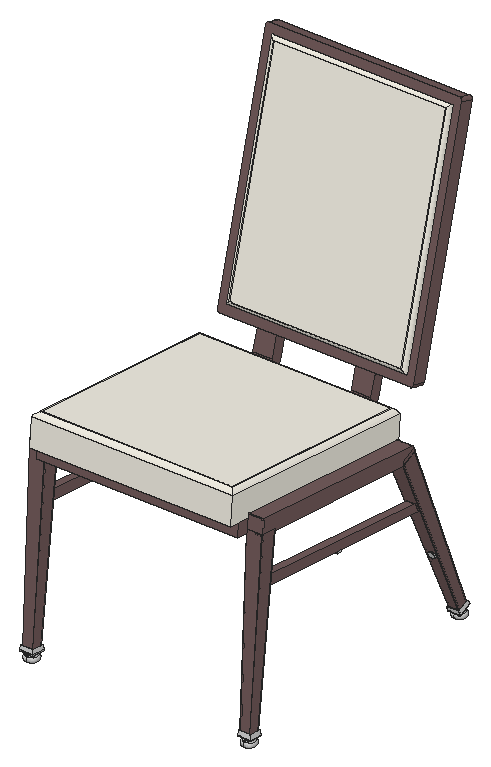
Revit family "8215", category Furniture, Revit 2020
Family settings
  OmniClass Number = 23.40.20.14.14.11
  OmniClass Title = Chairs
  Work Plane-Based = No
  Always vertical = Yes
  Cut with Voids When Loaded = No
  Shared = Yes
  Room Calculation Point = No
Parameters (values of type "Chair-Desk")
  Seat/Back Material = Textile - Slate Blue
  Default Elevation = 0 mm
  Base Material = Steel, Chrome Plated
  Assembly Code = "E2020200"
Reference planes
  plane 1: y = 0
  plane 2: z = 4.531
  plane 3 "Center (Left/Right)": x = 3.125
  plane 4: z = 905.398
  plane 5: through (-799.018, -2910.54, 939.259) normal (0, -0.2554, 0.9668)
  plane 6: y = -230.807
  plane 7: y = 320.193
  plane 8: z = 689.199
  plane 9: z = 905.484
  plane 10: z = -14.516
  plane 11: z = 450.484
  plane 12: y = 373.688
  plane 13: through (-799.018, 165.062, 307.419) normal (0, -0.9135, -0.4067)
  plane 14: through (-799.018, -176.65, 337.594) normal (0, -0.9939, 0.1101)
  plane 15: through (-799.018, 373.688, 899.128) normal (0, 0.2554, 0.9668)
  plane 16: through (-799.018, 231.776, 429.416) normal (0, -0.2588, -0.9659)
  plane 17: z = 393.531
  plane 18: x = 465.813
Forms (mm)
  Extrusion 1, solid, material "8215_Metal"
    sketch origin (2541.925, 111.859, 6.013) x (0, 0.255446, 0.966823) y (1, 0, 0)
      loop
        arc (930.368, -2112.856) -> (928.623, -2108.643) -> (924.41, -2106.898) r 5.958
        line (924.41, -2106.898) -> (445.979, -2106.898)
        arc (445.979, -2106.898) -> (441.743, -2108.653) -> (439.988, -2112.89) r 5.991
        line (439.988, -2112.89) -> (439.988, -2500.877)
        arc (439.988, -2500.877) -> (441.751, -2505.135) -> (446.009, -2506.898) r 6.021
        line (446.009, -2506.898) -> (924.368, -2506.898)
        arc (924.368, -2506.898) -> (928.611, -2505.141) -> (930.368, -2500.898) r 6
        line (930.368, -2500.898) -> (930.368, -2112.856)
      loop
        line (905.368, -2131.898) -> (464.988, -2131.898) -> (464.988, -2481.898) -> (905.368, -2481.898) -> (905.368, -2131.898)
    from 0 to 25
  Extrusion 2, solid
    sketch origin (2541.925, 111.859, 16.326) x (0, 0.255446, 0.966823) y (1, 0, 0)
      loop
        line (895.368, -2406.898) -> (895.368, -2386.898) -> (855.368, -2386.898) -> (855.368, -2406.898) -> (895.368, -2406.898)
      loop
        circle (877.368, -2396.898) r 2.5
      loop
        circle (865.368, -2396.898) r 2.5
    from 5 to 15
  Extrusion 3, solid
    sketch origin (2721.925, 111.859, 16.326) x (0, 0.255446, 0.966823) y (1, 0, 0)
      loop
        line (895.368, -2406.898) -> (895.368, -2386.898) -> (855.368, -2386.898) -> (855.368, -2406.898) -> (895.368, -2406.898)
      loop
        circle (877.368, -2396.898) r 2.5
      loop
        circle (865.368, -2396.898) r 2.5
    from 5 to 15
  Extrusion 4, solid
    sketch origin (2541.925, 459.356, 1321.237) x (0, -0.255446, -0.966823) y (-1, 0, 0)
      loop
        line (895.368, 2406.898) -> (855.368, 2406.898) -> (855.368, 2386.898) -> (895.368, 2386.898) -> (895.368, 2406.898)
      loop
        circle (877.368, 2396.898) r 2.5
      loop
        circle (865.368, 2396.898) r 2.5
    from 5 to 15
  Extrusion 5, solid
    sketch origin (2721.925, 459.356, 1321.237) x (0, -0.255446, -0.966823) y (-1, 0, 0)
      loop
        line (895.368, 2406.898) -> (855.368, 2406.898) -> (855.368, 2386.898) -> (895.368, 2386.898) -> (895.368, 2406.898)
      loop
        circle (877.368, 2396.898) r 2.5
      loop
        circle (865.368, 2396.898) r 2.5
    from 5 to 15
  Extrusion 6, solid
    sketch origin (2541.925, 111.859, 6.013) x (0, 0.255446, 0.966823) y (1, 0, 0)
      loop
        line (769.634, -2481.898) -> (769.634, -2441.898) -> (749.634, -2441.898) -> (749.634, -2481.898) -> (769.634, -2481.898)
      loop
        circle (759.634, -2463.898) r 2.5
      loop
        circle (759.634, -2451.898) r 2.5
    from 5 to 15
  Extrusion 7, solid
    sketch origin (2541.925, 71.546, -146.564) x (0, 0.255446, 0.966823) y (1, 0, 0)
      loop
        line (769.634, -2481.898) -> (769.634, -2441.898) -> (749.634, -2441.898) -> (749.634, -2481.898) -> (769.634, -2481.898)
      loop
        circle (759.634, -2463.898) r 2.5
      loop
        circle (759.634, -2451.898) r 2.5
    from 5 to 15
  Extrusion 8, solid
    sketch origin (-2071.872, 111.859, 6.013) x (0, 0.255446, 0.966823) y (1, 0, 0)
      loop
        line (769.634, 2481.898) -> (749.634, 2481.898) -> (749.634, 2441.898) -> (769.634, 2441.898) -> (769.634, 2481.898)
      loop
        circle (759.634, 2463.898) r 2.5
      loop
        circle (759.634, 2451.898) r 2.5
    from 5 to 15
  Extrusion 9, solid
    sketch origin (-2071.872, 71.546, -146.564) x (0, 0.255446, 0.966823) y (1, 0, 0)
      loop
        line (769.634, 2481.898) -> (749.634, 2481.898) -> (749.634, 2441.898) -> (769.634, 2441.898) -> (769.634, 2481.898)
      loop
        circle (759.634, 2463.898) r 2.5
      loop
        circle (759.634, 2451.898) r 2.5
    from 5 to 15
  Extrusion 10, solid, material "8215_Metal", not visible
    sketch origin (2534.425, -2910.54, 9.012) x (0, 0, 1) y (1, 0, 0)
      loop
        arc (930.368, -2112.856) -> (928.623, -2108.643) -> (924.41, -2106.898) r 5.958
        line (924.41, -2106.898) -> (445.979, -2106.898)
        arc (445.979, -2106.898) -> (441.743, -2108.653) -> (439.988, -2112.89) r 5.991
        line (439.988, -2112.89) -> (439.988, -2500.877)
        arc (439.988, -2500.877) -> (441.751, -2505.135) -> (446.009, -2506.898) r 6.021
        line (446.009, -2506.898) -> (924.368, -2506.898)
        arc (924.368, -2506.898) -> (928.611, -2505.141) -> (930.368, -2500.898) r 6
        line (930.368, -2500.898) -> (930.368, -2112.856)
      loop
        line (905.368, -2131.898) -> (464.988, -2131.898) -> (464.988, -2481.898) -> (905.368, -2481.898) -> (905.368, -2131.898)
    from 0 to 25
  Extrusion 11, solid, not visible
    sketch origin (2534.425, -2913.174, 18.983) x (0, 0, 1) y (1, 0, 0)
      loop
        line (895.368, -2406.898) -> (895.368, -2386.898) -> (855.368, -2386.898) -> (855.368, -2406.898) -> (895.368, -2406.898)
      loop
        circle (877.368, -2396.898) r 2.5
      loop
        circle (865.368, -2396.898) r 2.5
    from 5 to 15
  Extrusion 12, solid, not visible
    sketch origin (2714.425, -2913.174, 18.983) x (0, 0, 1) y (1, 0, 0)
      loop
        line (895.368, -2406.898) -> (895.368, -2386.898) -> (855.368, -2386.898) -> (855.368, -2406.898) -> (895.368, -2406.898)
      loop
        circle (877.368, -2396.898) r 2.5
      loop
        circle (865.368, -2396.898) r 2.5
    from 5 to 15
  Extrusion 13, solid, not visible
    sketch origin (2534.425, -2910.54, 1369.368) x (0, 0, -1) y (-1, 0, 0)
      loop
        line (895.368, 2406.898) -> (855.368, 2406.898) -> (855.368, 2386.898) -> (895.368, 2386.898) -> (895.368, 2406.898)
      loop
        circle (877.368, 2396.898) r 2.5
      loop
        circle (865.368, 2396.898) r 2.5
    from 5 to 15
  Extrusion 14, solid, not visible
    sketch origin (2714.425, -2910.54, 1369.368) x (0, 0, -1) y (-1, 0, 0)
      loop
        line (895.368, 2406.898) -> (855.368, 2406.898) -> (855.368, 2386.898) -> (895.368, 2386.898) -> (895.368, 2406.898)
      loop
        circle (877.368, 2396.898) r 2.5
      loop
        circle (865.368, 2396.898) r 2.5
    from 5 to 15
  Extrusion 15, solid, not visible
    sketch origin (2534.425, -2910.54, 9.012) x (0, 0, 1) y (1, 0, 0)
      loop
        line (769.634, -2481.898) -> (769.634, -2441.898) -> (749.634, -2441.898) -> (749.634, -2481.898) -> (769.634, -2481.898)
      loop
        circle (759.634, -2463.898) r 2.5
      loop
        circle (759.634, -2451.898) r 2.5
    from 5 to 15
  Extrusion 16, solid, not visible
    sketch origin (2534.425, -2910.54, -148.8) x (0, 0, 1) y (1, 0, 0)
      loop
        line (769.634, -2481.898) -> (769.634, -2441.898) -> (749.634, -2441.898) -> (749.634, -2481.898) -> (769.634, -2481.898)
      loop
        circle (759.634, -2463.898) r 2.5
      loop
        circle (759.634, -2451.898) r 2.5
    from 5 to 15
  Extrusion 17, solid, not visible
    sketch origin (-2079.372, -2910.54, 9.012) x (0, 0, 1) y (1, 0, 0)
      loop
        line (769.634, 2481.898) -> (749.634, 2481.898) -> (749.634, 2441.898) -> (769.634, 2441.898) -> (769.634, 2481.898)
      loop
        circle (759.634, 2463.898) r 2.5
      loop
        circle (759.634, 2451.898) r 2.5
    from 5 to 15
  Extrusion 18, solid, not visible
    sketch origin (-2079.372, -2910.54, -148.8) x (0, 0, 1) y (1, 0, 0)
      loop
        line (769.634, 2481.898) -> (749.634, 2481.898) -> (749.634, 2441.898) -> (769.634, 2441.898) -> (769.634, 2481.898)
      loop
        circle (759.634, 2463.898) r 2.5
      loop
        circle (759.634, 2451.898) r 2.5
    from 5 to 15
  Extrusion 19, solid, material "8215_Metal"
    sketch origin (8766.666, -357.969, 371.219) x (-1, 0, 0) y (0, -0.996389, 0.084911)
      loop
        line (8736.666, -130.17) -> (8326.666, -130.17) -> (8326.666, -536.561) -> (8736.666, -536.561) -> (8736.666, -130.17)
      loop
        line (8351.636, -156.561) -> (8351.636, -511.561) -> (8711.636, -511.561) -> (8711.636, -156.561) -> (8351.636, -156.561)
    from 0 to 25
  Extrusion 20, solid, material "8215_Metal"
    sketch origin (65, 2.656, 0) x (0, 1, 0) y (0, 0, 1)
      loop
        arc (214.094, 389.818) -> (201.255, 365.653) -> (179.021, 349.702) r 60
        arc (179.021, 349.702) -> (169.099, 346.574) -> (158.786, 345.206) r 60
        line (158.786, 345.206) -> (22.359, 356.739) -> (20.901, 339.5) -> (157.329, 327.967)
        arc (157.329, 327.967) -> (172.397, 329.638) -> (186.879, 334.122) r 80
        arc (186.879, 334.122) -> (216.388, 355.388) -> (233.43, 387.522) r 80
        line (233.43, 387.522) -> (243.495, 425.618) -> (224.854, 430.543) -> (214.094, 389.818)
    from 50 to 90
  Extrusion 21, solid, material "8215_Metal"
    sketch origin (405.052, 2.656, 0) x (0, 1, 0) y (0, 0, -1)
      loop
        line (214.094, -389.818) -> (224.854, -430.543) -> (243.495, -425.618) -> (233.43, -387.522)
        arc (233.43, -387.522) -> (216.388, -355.388) -> (186.879, -334.122) r 80
        arc (186.879, -334.122) -> (172.397, -329.638) -> (157.329, -327.967) r 80
        line (157.329, -327.967) -> (20.901, -339.5) -> (22.353, -356.668) -> (158.96, -345.214)
        arc (158.96, -345.214) -> (169.184, -346.593) -> (179.021, -349.702) r 60
        arc (179.021, -349.702) -> (201.255, -365.653) -> (214.094, -389.818) r 60
    from 50 to 90.052
  Extrusion 22, solid
    sketch origin (0, 2551.059, 0) x (0, 1, 0) y (0, 0, 1)
      loop
        line (-2206.657, 882.033) -> (-2319.119, 456.381) -> (-2295.966, 450.263) -> (-2183.504, 875.916) -> (-2206.657, 882.033)
    from 60.026 to 410.026
  Extrusion 23, solid, material "8215_Steel"
    sketch origin (248.947, 246.55, 120.313) x (0, -0.413327, 0.910582) y (-1, 0, 0)
      loop
        line (15.068, 233.671) -> (11.301, 240.196) -> (3.767, 240.196) -> (0, 233.671) -> (3.767, 227.147) -> (11.301, 227.147) -> (15.068, 233.671)
    from 0.923 to -2
  Extrusion 24, solid
    sketch origin (248.947, -196.85, 119.733) x (0, 0.111712, 0.993741) y (1, 0, 0)
      loop
        line (15.068, -233.671) -> (11.301, -227.147) -> (3.767, -227.147) -> (0, -233.671) -> (3.767, -240.196) -> (11.301, -240.196) -> (15.068, -233.671)
    from 0.923 to -2
  Extrusion 25, solid, material "8215_Steel"
    sketch origin (688.947, -196.85, 119.733) x (0, 0.111712, 0.993741) y (1, 0, 0)
      loop
        line (15.068, -233.671) -> (11.301, -227.147) -> (3.767, -227.147) -> (0, -233.671) -> (3.767, -240.196) -> (11.301, -240.196) -> (15.068, -233.671)
    from 0.923 to -2
  Extrusion 26, solid, material "8215_Metal"
    sketch origin (0, 0, 0) x (0, 1, 0) y (0, 0, 1)
      loop
        line (27.769, 363.437) -> (0.712, 365.743) -> (-1.381, 340.984) -> (25.677, 338.696) -> (27.769, 363.437)
    from 55.031 to 415.031
  Extrusion 27, solid, material "8215_Steel"
    sketch origin (248.947, 7.503, 240.888) x (0, -0.996798, 0.079955) y (-1, 0, 0)
      loop
        line (15.068, 233.671) -> (11.301, 240.196) -> (3.767, 240.196) -> (0, 233.671) -> (3.767, 227.147) -> (11.301, 227.147) -> (15.068, 233.671)
    from 0.923 to -2
  Extrusion 28, solid, material "8215_Steel"
    sketch origin (686.29, 7.503, 240.888) x (0, -0.996798, 0.079955) y (-1, 0, 0)
      loop
        line (15.068, 233.671) -> (11.301, 240.196) -> (3.767, 240.196) -> (0, 233.671) -> (3.767, 227.147) -> (11.301, 227.147) -> (15.068, 233.671)
    from 0.923 to -2
  Extrusion 29, solid, material "8215_Fabric"
    sketch origin (8766.666, -351.376, 453.587) x (-1, 0, 0) y (0, -0.996389, 0.084911)
      loop
        line (8736.666, -536.561) -> (8736.666, -110.594) -> (8326.666, -110.594) -> (8326.666, -536.561) -> (8736.666, -536.561)
    from -57.631 to -2.631
  Sweep 30, solid, material "8215_Fabric"
    path in 3D
      loop
        line (30, 183.024, 405.406) -> (30, -241.405, 441.575) -> (440, -241.405, 441.575) -> (440, 183.024, 405.406) -> (30, 183.024, 405.406)
    profile origin (235, 183.024, 405.406) x (0, -0.996389, 0.084911) y (0, 0.084911, 0.996389)
      loop
        line (0, 0) -> (10, 0) -> (10, 10)
        arc (10, 10) -> (4.125, 5.875) -> (0, 0) r 20.83
  Extrusion 31, solid, material "8215_Fabric"
    sketch origin (430, 173.06, 406.255) x (-1, 0, 0) y (0, 0.996389, -0.084911)
      loop
        line (390, 0) -> (0, 0) -> (0, -405.515) -> (390, -405.515) -> (390, 0)
    from -10 to 0
  SweptBlend 32, solid, material "8215_Metal"
    path origin (14.063, 0, 0) x (0, 1, 0) y (0, 0, 1)
      loop
        line (311.642, 3.929) -> (164.709, 347.437)
    profile origin (14.063, 311.642, 3.929) x (0, -0.919421, -0.393275) y (1, 0, 0)
      loop
        arc (-10, -9.3) -> (-9.795, -9.795) -> (-9.3, -10) r 0.7
        line (-9.3, -10) -> (9.3, -10)
        arc (9.3, -10) -> (9.795, -9.795) -> (10, -9.3) r 0.7
        line (10, -9.3) -> (10, 9.3)
        arc (10, 9.3) -> (9.795, 9.795) -> (9.3, 10) r 0.7
        line (9.3, 10) -> (-9.2, 10)
        arc (-9.2, 10) -> (-9.766, 9.766) -> (-10, 9.2) r 0.8
        line (-10, 9.2) -> (-10, -9.3)
    end profile origin (14.063, 164.709, 347.437) x (0, -0.919421, -0.393275) y (1, 0, 0)
      loop
        arc (-16, -15.3) -> (-15.795, -15.795) -> (-15.3, -16) r 0.7
        line (-15.3, -16) -> (15.3, -16)
        arc (15.3, -16) -> (15.795, -15.795) -> (16, -15.3) r 0.7
        line (16, -15.3) -> (16, 15.3)
        arc (16, 15.3) -> (15.795, 15.795) -> (15.3, 16) r 0.7
        line (15.3, 16) -> (-15.3, 16)
        arc (-15.3, 16) -> (-15.795, 15.795) -> (-16, 15.3) r 0.7
        line (-16, 15.3) -> (-16, -15.3)
  SweptBlend 33, solid, material "8215_Metal"
    path origin (14.063, 0, 0) x (0, 1, 0) y (0, 0, 1)
      loop
        line (-220.441, 5.569) -> (-190.1, 364.288)
    profile origin (14.063, -220.441, 5.569) x (0, -0.996442, 0.084281) y (1, 0, 0)
      loop
        line (-10, 9.3) -> (-10, -9.3)
        arc (-10, -9.3) -> (-9.795, -9.795) -> (-9.3, -10) r 0.7
        line (-9.3, -10) -> (9.3, -10)
        arc (9.3, -10) -> (9.795, -9.795) -> (10, -9.3) r 0.7
        line (10, -9.3) -> (10, 9.3)
        arc (10, 9.3) -> (9.795, 9.795) -> (9.3, 10) r 0.7
        line (9.3, 10) -> (-9.3, 10)
        arc (-9.3, 10) -> (-9.795, 9.795) -> (-10, 9.3) r 0.7
    end profile origin (14.063, -190.1, 364.288) x (0, -0.996442, 0.084281) y (1, 0, 0)
      loop
        line (-16, 15.3) -> (-16, -15.3)
        arc (-16, -15.3) -> (-15.795, -15.795) -> (-15.3, -16) r 0.7
        line (-15.3, -16) -> (15.3, -16)
        arc (15.3, -16) -> (15.795, -15.795) -> (16, -15.3) r 0.7
        line (16, -15.3) -> (16, 15.3)
        arc (16, 15.3) -> (15.795, 15.795) -> (15.3, 16) r 0.7
        line (15.3, 16) -> (-15.3, 16)
        arc (-15.3, 16) -> (-15.795, 15.795) -> (-16, 15.3) r 0.7
  Extrusion 34, solid, material "8215_Metal"
    sketch origin (0, 0, 0) x (0, 1, 0) y (0, 0, 1)
      loop
        line (175.584, 361.571) -> (-202.756, 393.555)
        arc (-202.756, 393.555) -> (-203.413, 393.346) -> (-203.729, 392.734) r 0.9
        line (-203.729, 392.734) -> (-206.181, 363.738) -> (154.635, 333.235) -> (181.661, 348.482) -> (176.337, 361.026)
        arc (176.337, 361.026) -> (176.036, 361.403) -> (175.584, 361.571) r 0.9
    from -1.937 to 30
  Extrusion 35, solid, material "8215_Metal"
    sketch origin (0, 0, 0) x (0, 1, 0) y (0, 0, 1)
      loop
        arc (-182.034, 276.974) -> (-182.684, 276.771) -> (-183.005, 276.172) r 0.9
        line (-183.005, 276.172) -> (-184.699, 260.057)
        arc (-184.699, 260.057) -> (-184.497, 259.389) -> (-183.88, 259.066) r 0.9
        line (-183.88, 259.066) -> (199.791, 226.631)
        arc (199.791, 226.631) -> (200.601, 227.006) -> (200.689, 227.894) r 0.9
        line (200.689, 227.894) -> (193.168, 244.788)
        arc (193.168, 244.788) -> (192.867, 245.155) -> (192.421, 245.318) r 0.9
        line (192.421, 245.318) -> (-182.034, 276.974)
    from 4.998 to 20.503
  Extrusion 36, solid, material "8215_Steel", not visible
    sketch origin (248.947, 246.55, 120.313) x (0, -0.413327, 0.910582) y (-1, 0, 0)
      loop
        line (15.068, 233.671) -> (11.301, 240.196) -> (3.767, 240.196) -> (0, 233.671) -> (3.767, 227.147) -> (11.301, 227.147) -> (15.068, 233.671)
    from 0.923 to -2
  Extrusion 37, solid, not visible
    sketch origin (248.947, -196.85, 119.733) x (0, 0.111712, 0.993741) y (1, 0, 0)
      loop
        line (15.068, -233.671) -> (11.301, -227.147) -> (3.767, -227.147) -> (0, -233.671) -> (3.767, -240.196) -> (11.301, -240.196) -> (15.068, -233.671)
    from 0.923 to -2
  Extrusion 38, solid, material "8215_Steel", not visible
    sketch origin (248.947, 7.503, 240.888) x (0, -0.996798, 0.079955) y (-1, 0, 0)
      loop
        line (15.068, 233.671) -> (11.301, 240.196) -> (3.767, 240.196) -> (0, 233.671) -> (3.767, 227.147) -> (11.301, 227.147) -> (15.068, 233.671)
    from 0.923 to -2
  SweptBlend 39, solid, material "8215_Metal", not visible
    path origin (14.063, 0, 0) x (0, 1, 0) y (0, 0, 1)
      loop
        line (311.642, 3.929) -> (164.709, 347.437)
    profile origin (14.063, 311.642, 3.929) x (0, -0.919421, -0.393275) y (1, 0, 0)
      loop
        arc (-10, -9.3) -> (-9.795, -9.795) -> (-9.3, -10) r 0.7
        line (-9.3, -10) -> (9.3, -10)
        arc (9.3, -10) -> (9.795, -9.795) -> (10, -9.3) r 0.7
        line (10, -9.3) -> (10, 9.3)
        arc (10, 9.3) -> (9.795, 9.795) -> (9.3, 10) r 0.7
        line (9.3, 10) -> (-9.2, 10)
        arc (-9.2, 10) -> (-9.766, 9.766) -> (-10, 9.2) r 0.8
        line (-10, 9.2) -> (-10, -9.3)
    end profile origin (14.063, 164.709, 347.437) x (0, -0.919421, -0.393275) y (1, 0, 0)
      loop
        arc (-16, -15.3) -> (-15.795, -15.795) -> (-15.3, -16) r 0.7
        line (-15.3, -16) -> (15.3, -16)
        arc (15.3, -16) -> (15.795, -15.795) -> (16, -15.3) r 0.7
        line (16, -15.3) -> (16, 15.3)
        arc (16, 15.3) -> (15.795, 15.795) -> (15.3, 16) r 0.7
        line (15.3, 16) -> (-15.3, 16)
        arc (-15.3, 16) -> (-15.795, 15.795) -> (-16, 15.3) r 0.7
        line (-16, 15.3) -> (-16, -15.3)
  SweptBlend 40, solid, material "8215_Metal", not visible
    path origin (14.063, 0, 0) x (0, 1, 0) y (0, 0, 1)
      loop
        line (-220.441, 5.569) -> (-190.1, 364.288)
    profile origin (14.063, -220.441, 5.569) x (0, -0.996442, 0.084281) y (1, 0, 0)
      loop
        line (-10, 9.3) -> (-10, -9.3)
        arc (-10, -9.3) -> (-9.795, -9.795) -> (-9.3, -10) r 0.7
        line (-9.3, -10) -> (9.3, -10)
        arc (9.3, -10) -> (9.795, -9.795) -> (10, -9.3) r 0.7
        line (10, -9.3) -> (10, 9.3)
        arc (10, 9.3) -> (9.795, 9.795) -> (9.3, 10) r 0.7
        line (9.3, 10) -> (-9.3, 10)
        arc (-9.3, 10) -> (-9.795, 9.795) -> (-10, 9.3) r 0.7
    end profile origin (14.063, -190.1, 364.288) x (0, -0.996442, 0.084281) y (1, 0, 0)
      loop
        line (-16, 15.3) -> (-16, -15.3)
        arc (-16, -15.3) -> (-15.795, -15.795) -> (-15.3, -16) r 0.7
        line (-15.3, -16) -> (15.3, -16)
        arc (15.3, -16) -> (15.795, -15.795) -> (16, -15.3) r 0.7
        line (16, -15.3) -> (16, 15.3)
        arc (16, 15.3) -> (15.795, 15.795) -> (15.3, 16) r 0.7
        line (15.3, 16) -> (-15.3, 16)
        arc (-15.3, 16) -> (-15.795, 15.795) -> (-16, 15.3) r 0.7
  Extrusion 41, solid, material "8215_Metal", not visible
    sketch origin (0, 0, 0) x (0, 1, 0) y (0, 0, 1)
      loop
        line (175.584, 361.571) -> (-202.756, 393.555)
        arc (-202.756, 393.555) -> (-203.413, 393.346) -> (-203.729, 392.734) r 0.9
        line (-203.729, 392.734) -> (-206.181, 363.738) -> (154.635, 333.235) -> (181.661, 348.482) -> (176.337, 361.026)
        arc (176.337, 361.026) -> (176.036, 361.403) -> (175.584, 361.571) r 0.9
    from -1.937 to 30
  Extrusion 42, solid, material "8215_Metal", not visible
    sketch origin (0, 0, 0) x (0, 1, 0) y (0, 0, 1)
      loop
        arc (-182.034, 276.974) -> (-182.684, 276.771) -> (-183.005, 276.172) r 0.9
        line (-183.005, 276.172) -> (-184.699, 260.057)
        arc (-184.699, 260.057) -> (-184.497, 259.389) -> (-183.88, 259.066) r 0.9
        line (-183.88, 259.066) -> (199.791, 226.631)
        arc (199.791, 226.631) -> (200.601, 227.006) -> (200.689, 227.894) r 0.9
        line (200.689, 227.894) -> (193.168, 244.788)
        arc (193.168, 244.788) -> (192.867, 245.155) -> (192.421, 245.318) r 0.9
        line (192.421, 245.318) -> (-182.034, 276.974)
    from 4.998 to 20.503
  Extrusion 43, solid, material "8215_Steel"
    sketch origin (690.822, 246.548, 120.316) x (0, -0.413327, 0.910582) y (-1, 0, 0)
      loop
        line (15.068, 233.671) -> (11.301, 240.196) -> (3.767, 240.196) -> (0, 233.671) -> (3.767, 227.147) -> (11.301, 227.147) -> (15.068, 233.671)
    from 0.923 to -2
  Extrusion 44, solid, material "8215_Steel"
    sketch origin (690.822, 7.503, 240.888) x (0, -0.996798, 0.079955) y (-1, 0, 0)
      loop
        line (15.068, 233.671) -> (11.301, 240.196) -> (3.767, 240.196) -> (0, 233.671) -> (3.767, 227.147) -> (11.301, 227.147) -> (15.068, 233.671)
    from 0.923 to -2
  SweptBlend 45, solid, material "8215_Metal"
    path origin (455.937, 0, 0) x (0, 1, 0) y (0, 0, 1)
      loop
        line (311.642, 3.929) -> (164.709, 347.437)
    profile origin (455.937, 311.642, 3.929) x (0, -0.919421, -0.393275) y (1, 0, 0)
      loop
        arc (-10, -9.3) -> (-9.795, -9.795) -> (-9.3, -10) r 0.7
        line (-9.3, -10) -> (9.3, -10)
        arc (9.3, -10) -> (9.795, -9.795) -> (10, -9.3) r 0.7
        line (10, -9.3) -> (10, 9.3)
        arc (10, 9.3) -> (9.795, 9.795) -> (9.3, 10) r 0.7
        line (9.3, 10) -> (-9.2, 10)
        arc (-9.2, 10) -> (-9.766, 9.766) -> (-10, 9.2) r 0.8
        line (-10, 9.2) -> (-10, -9.3)
    end profile origin (455.937, 164.709, 347.437) x (0, -0.919421, -0.393275) y (1, 0, 0)
      loop
        arc (-16, -15.3) -> (-15.795, -15.795) -> (-15.3, -16) r 0.7
        line (-15.3, -16) -> (15.3, -16)
        arc (15.3, -16) -> (15.795, -15.795) -> (16, -15.3) r 0.7
        line (16, -15.3) -> (16, 15.3)
        arc (16, 15.3) -> (15.795, 15.795) -> (15.3, 16) r 0.7
        line (15.3, 16) -> (-15.3, 16)
        arc (-15.3, 16) -> (-15.795, 15.795) -> (-16, 15.3) r 0.7
        line (-16, 15.3) -> (-16, -15.3)
  SweptBlend 46, solid, material "8215_Metal"
    path origin (455.937, 0, 0) x (0, 1, 0) y (0, 0, 1)
      loop
        line (-220.441, 5.569) -> (-190.1, 364.288)
    profile origin (455.937, -220.441, 5.569) x (0, -0.996442, 0.084281) y (1, 0, 0)
      loop
        line (-10, 9.3) -> (-10, -9.3)
        arc (-10, -9.3) -> (-9.795, -9.795) -> (-9.3, -10) r 0.7
        line (-9.3, -10) -> (9.3, -10)
        arc (9.3, -10) -> (9.795, -9.795) -> (10, -9.3) r 0.7
        line (10, -9.3) -> (10, 9.3)
        arc (10, 9.3) -> (9.795, 9.795) -> (9.3, 10) r 0.7
        line (9.3, 10) -> (-9.3, 10)
        arc (-9.3, 10) -> (-9.795, 9.795) -> (-10, 9.3) r 0.7
    end profile origin (455.937, -190.1, 364.288) x (0, -0.996442, 0.084281) y (1, 0, 0)
      loop
        line (-16, 15.3) -> (-16, -15.3)
        arc (-16, -15.3) -> (-15.795, -15.795) -> (-15.3, -16) r 0.7
        line (-15.3, -16) -> (15.3, -16)
        arc (15.3, -16) -> (15.795, -15.795) -> (16, -15.3) r 0.7
        line (16, -15.3) -> (16, 15.3)
        arc (16, 15.3) -> (15.795, 15.795) -> (15.3, 16) r 0.7
        line (15.3, 16) -> (-15.3, 16)
        arc (-15.3, 16) -> (-15.795, 15.795) -> (-16, 15.3) r 0.7
  Extrusion 47, solid, material "8215_Metal"
    sketch origin (441.875, 0, 0) x (0, 1, 0) y (0, 0, 1)
      loop
        line (175.584, 361.571) -> (-202.756, 393.555)
        arc (-202.756, 393.555) -> (-203.413, 393.346) -> (-203.729, 392.734) r 0.9
        line (-203.729, 392.734) -> (-206.181, 363.738) -> (154.635, 333.235) -> (181.661, 348.482) -> (176.337, 361.026)
        arc (176.337, 361.026) -> (176.036, 361.403) -> (175.584, 361.571) r 0.9
    from -1.937 to 30
  Extrusion 48, solid, material "8215_Metal"
    sketch origin (441.875, 0, 0) x (0, 1, 0) y (0, 0, 1)
      loop
        arc (-182.034, 276.974) -> (-182.684, 276.771) -> (-183.005, 276.172) r 0.9
        line (-183.005, 276.172) -> (-184.699, 260.057)
        arc (-184.699, 260.057) -> (-184.497, 259.389) -> (-183.88, 259.066) r 0.9
        line (-183.88, 259.066) -> (199.791, 226.631)
        arc (199.791, 226.631) -> (200.601, 227.006) -> (200.689, 227.894) r 0.9
        line (200.689, 227.894) -> (193.168, 244.788)
        arc (193.168, 244.788) -> (192.867, 245.155) -> (192.421, 245.318) r 0.9
        line (192.421, 245.318) -> (-182.034, 276.974)
    from 4.998 to 20.503
  Sweep 49, solid, material "8215_Fabric"
    path in 3D
      loop
        line (60.026, 344.402, 882.033) -> (60.026, 231.94, 456.381) -> (410.026, 231.94, 456.381) -> (410.026, 344.402, 882.033) -> (60.026, 344.402, 882.033)
    profile origin (235.026, 344.402, 882.033) x (0, -0.255446, -0.966823) y (0, -0.966823, 0.255446)
      loop
        line (0, 0) -> (0, 8)
        arc (0, 8) -> (-5.657, 5.657) -> (-8, 0) r 8
        line (-8, 0) -> (0, 0)
  Extrusion 50, solid, material "8215_Fabric"
    sketch origin (0, 235.772, 470.883) x (0, 0.255446, 0.966823) y (-1, 0, 0)
      loop
        line (425.259, -60.026) -> (-15, -60.026) -> (-15, -410.026) -> (425.259, -410.026) -> (425.259, -60.026)
    from 0 to 8
  Sweep 51, solid, material "8215_Fabric"
    path in 3D
      loop
        line (60.026, 367.555, 875.916) -> (60.026, 255.093, 450.263) -> (410.026, 255.093, 450.263) -> (410.026, 367.555, 875.916) -> (60.026, 367.555, 875.916)
    profile origin (235.026, 367.555, 875.916) x (0, -0.966823, 0.255446) y (0, 0.255446, 0.966823)
      loop
        line (0, 0) -> (0, 7.936)
        arc (0, 7.936) -> (-5.653, 5.634) -> (-8, 0) r 7.937
        line (-8, 0) -> (0, 0)
  Extrusion 52, solid, material "8215_Fabric"
    sketch origin (0, 256.37, 455.098) x (0, 0.255446, 0.966823) y (1, 0, 0)
      loop
        line (-5, 60.026) -> (435.259, 60.026) -> (435.259, 410.026) -> (-5, 410.026) -> (-5, 60.026)
    from 0 to 8
  Sweep 53, solid, material "8215_Steel"
    path in 3D
      loop
        line (3.763, 322.406, 4.168) -> (3.763, 304.015, -3.69) -> (23.763, 304.015, -3.69) -> (23.763, 322.406, 4.168) -> (3.763, 322.406, 4.168)
    profile origin (13.763, 322.406, 4.168) x (0, -0.392891, 0.919585) y (0, 0.919585, 0.392891)
      loop
        line (-0.001, 0) -> (10, 0.069) -> (10, 2.324) -> (1.108, 3.297)
        arc (1.108, 3.297) -> (0.332, 3.048) -> (-0.001, 2.303) r 1
        line (-0.001, 2.303) -> (-0.001, 0)
  Sweep 54, solid, material "8215_Steel"
    path in 3D
      loop
        line (3.763, -210.479, -0.285) -> (3.763, -230.409, 1.387) -> (23.763, -230.409, 1.387) -> (23.763, -210.479, -0.285) -> (3.763, -210.479, -0.285)
    profile origin (13.763, -210.479, -0.285) x (0, -0.392891, 0.919585) y (0, 0.919585, 0.392891)
      loop
        line (-0.001, 0) -> (8.803, 4.745) -> (7.746, 6.738) -> (-0.565, 3.432)
        arc (-0.565, 3.432) -> (-1.134, 2.848) -> (-1.079, 2.035) r 1
        line (-1.079, 2.035) -> (-0.001, 0)
  Sweep 55, solid, not visible
    path in 3D
      loop
        line (-9.987, -2221.744, 4.168) -> (-9.987, -2240.136, -3.69) -> (10.013, -2240.136, -3.69) -> (10.013, -2221.744, 4.168) -> (-9.987, -2221.744, 4.168)
    profile origin (0.013, -2221.744, 4.168) x (0, -0.392891, 0.919585) y (0, 0.919585, 0.392891)
      loop
        line (-0.001, 0) -> (10, 0.069) -> (10, 2.324) -> (1.108, 3.297)
        arc (1.108, 3.297) -> (0.332, 3.048) -> (-0.001, 2.303) r 1
        line (-0.001, 2.303) -> (-0.001, 0)
  Sweep 56, solid, not visible
    path in 3D
      loop
        line (-9.987, -2755.099, -9.973) -> (-9.987, -2775.029, -8.3) -> (10.013, -2775.029, -8.3) -> (10.013, -2755.099, -9.973) -> (-9.987, -2755.099, -9.973)
    profile origin (0.013, -2755.099, -9.973) x (0, -0.392891, 0.919585) y (0, 0.919585, 0.392891)
      loop
        line (-0.001, 0) -> (8.803, 4.745) -> (7.746, 6.738) -> (-0.565, 3.432)
        arc (-0.565, 3.432) -> (-1.134, 2.848) -> (-1.079, 2.035) r 1
        line (-1.079, 2.035) -> (-0.001, 0)
  Sweep 57, solid, material "8215_Steel", not visible
    path in 3D
      loop
        line (-9.987, 322.406, 4.168) -> (-9.987, 304.015, -3.69) -> (10.013, 304.015, -3.69) -> (10.013, 322.406, 4.168) -> (-9.987, 322.406, 4.168)
    profile origin (0.013, 322.406, 4.168) x (0, -0.392891, 0.919585) y (0, 0.919585, 0.392891)
      loop
        line (-0.001, 0) -> (10, 0.069) -> (10, 2.324) -> (1.108, 3.297)
        arc (1.108, 3.297) -> (0.332, 3.048) -> (-0.001, 2.303) r 1
        line (-0.001, 2.303) -> (-0.001, 0)
  Sweep 58, solid, material "8215_Steel", not visible
    path in 3D
      loop
        line (-9.987, -210.479, -0.285) -> (-9.987, -230.409, 1.387) -> (10.013, -230.409, 1.387) -> (10.013, -210.479, -0.285) -> (-9.987, -210.479, -0.285)
    profile origin (0.013, -210.479, -0.285) x (0, -0.392891, 0.919585) y (0, 0.919585, 0.392891)
      loop
        line (-0.001, 0) -> (8.803, 4.745) -> (7.746, 6.738) -> (-0.565, 3.432)
        arc (-0.565, 3.432) -> (-1.134, 2.848) -> (-1.079, 2.035) r 1
        line (-1.079, 2.035) -> (-0.001, 0)
  Sweep 59, solid, material "8215_Steel"
    path in 3D
      loop
        line (446.134, 322.406, 4.168) -> (446.134, 304.015, -3.69) -> (466.134, 304.015, -3.69) -> (466.134, 322.406, 4.168) -> (446.134, 322.406, 4.168)
    profile origin (456.134, 322.406, 4.168) x (0, -0.392891, 0.919585) y (0, 0.919585, 0.392891)
      loop
        line (-0.001, 0) -> (10, 0.069) -> (10, 2.324) -> (1.108, 3.297)
        arc (1.108, 3.297) -> (0.332, 3.048) -> (-0.001, 2.303) r 1
        line (-0.001, 2.303) -> (-0.001, 0)
  Sweep 60, solid, material "8215_Steel"
    path in 3D
      loop
        line (446.134, -210.479, -0.285) -> (446.134, -230.409, 1.387) -> (466.134, -230.409, 1.387) -> (466.134, -210.479, -0.285) -> (446.134, -210.479, -0.285)
    profile origin (456.134, -210.479, -0.285) x (0, -0.392891, 0.919585) y (0, 0.919585, 0.392891)
      loop
        line (-0.001, 0) -> (8.803, 4.745) -> (7.746, 6.738) -> (-0.565, 3.432)
        arc (-0.565, 3.432) -> (-1.134, 2.848) -> (-1.079, 2.035) r 1
        line (-1.079, 2.035) -> (-0.001, 0)
  Revolve 61, solid, material "8215_Steel"
    sketch origin (13.75, 5059.341, -1194.605) x (0, 1, 0) y (0, 0, 1)
      loop
        line (-4737.371, 1196.053) -> (-4737.371, 1199.688) -> (-4744.498, 1199.688) -> (-4744.498, 1180.066) -> (-4732.748, 1180.066)
        arc (-4732.748, 1180.066) -> (-4730.748, 1184.066) -> (-4732.748, 1188.066) r 5
        line (-4732.748, 1188.066) -> (-4733.602, 1188.066) -> (-4733.748, 1191.566)
        arc (-4733.748, 1191.566) -> (-4733.894, 1191.92) -> (-4734.248, 1192.066) r 0.5
        arc (-4734.248, 1192.066) -> (-4736.498, 1193.521) -> (-4737.371, 1196.053) r 4.106
      axis (-4744.498, 1180.066) -> (-4744.498, 1199.688)
    angle from 0 to 360
  Revolve 62, solid, material "8215_Steel"
    sketch origin (13.75, 4524.341, -1194.605) x (0, 1, 0) y (0, 0, 1)
      loop
        line (-4737.371, 1196.053) -> (-4737.371, 1199.688) -> (-4744.498, 1199.688) -> (-4744.498, 1180.066) -> (-4732.748, 1180.066)
        arc (-4732.748, 1180.066) -> (-4730.748, 1184.066) -> (-4732.748, 1188.066) r 5
        line (-4732.748, 1188.066) -> (-4733.602, 1188.066) -> (-4733.748, 1191.566)
        arc (-4733.748, 1191.566) -> (-4733.894, 1191.92) -> (-4734.248, 1192.066) r 0.5
        arc (-4734.248, 1192.066) -> (-4736.498, 1193.521) -> (-4737.371, 1196.053) r 4.106
      axis (-4744.498, 1180.066) -> (-4744.498, 1199.688)
    angle from 0 to 360
  Revolve 63, solid, material "8215_Steel"
    sketch origin (456.25, 4524.341, -1194.605) x (0, 1, 0) y (0, 0, 1)
      loop
        line (-4737.371, 1196.053) -> (-4737.371, 1199.688) -> (-4744.498, 1199.688) -> (-4744.498, 1180.066) -> (-4732.748, 1180.066)
        arc (-4732.748, 1180.066) -> (-4730.748, 1184.066) -> (-4732.748, 1188.066) r 5
        line (-4732.748, 1188.066) -> (-4733.602, 1188.066) -> (-4733.748, 1191.566)
        arc (-4733.748, 1191.566) -> (-4733.894, 1191.92) -> (-4734.248, 1192.066) r 0.5
        arc (-4734.248, 1192.066) -> (-4736.498, 1193.521) -> (-4737.371, 1196.053) r 4.106
      axis (-4744.498, 1180.066) -> (-4744.498, 1199.688)
    angle from 0 to 360
  Revolve 64, solid, material "8215_Steel"
    sketch origin (456.25, 5059.341, -1194.605) x (0, 1, 0) y (0, 0, 1)
      loop
        line (-4737.371, 1196.053) -> (-4737.371, 1199.688) -> (-4744.498, 1199.688) -> (-4744.498, 1180.066) -> (-4732.748, 1180.066)
        arc (-4732.748, 1180.066) -> (-4730.748, 1184.066) -> (-4732.748, 1188.066) r 5
        line (-4732.748, 1188.066) -> (-4733.602, 1188.066) -> (-4733.748, 1191.566)
        arc (-4733.748, 1191.566) -> (-4733.894, 1191.92) -> (-4734.248, 1192.066) r 0.5
        arc (-4734.248, 1192.066) -> (-4736.498, 1193.521) -> (-4737.371, 1196.053) r 4.106
      axis (-4744.498, 1180.066) -> (-4744.498, 1199.688)
    angle from 0 to 360
Lines and regions (mm)
  sketch lines
    curve 1: line (440, 183.024, 405.406) -> (30, 183.024, 405.406)
    curve 2: line (440, -241.405, 441.575) -> (440, 183.024, 405.406)
    curve 3: line (30, -241.405, 441.575) -> (440, -241.405, 441.575)
    curve 4: line (30, 183.024, 405.406) -> (30, -241.405, 441.575)
    curve 5: line (410.026, 344.402, 882.033) -> (60.026, 344.402, 882.033)
    curve 6: line (60.026, 231.94, 456.381) -> (60.026, 344.402, 882.033)
    curve 7: line (410.026, 231.94, 456.381) -> (60.026, 231.94, 456.381)
    curve 8: line (410.026, 344.402, 882.033) -> (410.026, 231.94, 456.381)
    curve 9: line (410.026, 367.555, 875.916) -> (60.026, 367.555, 875.916)
    curve 10: line (410.026, 255.093, 450.263) -> (410.026, 367.555, 875.916)
    curve 11: line (410.026, 255.093, 450.263) -> (60.026, 255.093, 450.263)
    curve 12: line (60.026, 367.555, 875.916) -> (60.026, 255.093, 450.263)
    curve 13: line (23.763, 322.406, 4.168) -> (3.763, 322.406, 4.168)
    curve 14: line (3.763, 322.406, 4.168) -> (3.763, 304.015, -3.69)
    curve 15: line (23.763, 304.015, -3.69) -> (3.763, 304.015, -3.69)
    curve 16: line (23.763, 304.015, -3.69) -> (23.763, 322.406, 4.168)
    curve 17: line (23.763, -210.479, -0.285) -> (3.763, -210.479, -0.285)
    curve 18: line (3.763, -210.479, -0.285) -> (3.763, -230.409, 1.387)
    curve 19: line (23.763, -230.409, 1.387) -> (3.763, -230.409, 1.387)
    curve 20: line (23.763, -230.409, 1.387) -> (23.763, -210.479, -0.285)
    curve 37: line (466.134, 322.406, 4.168) -> (446.134, 322.406, 4.168)
    curve 38: line (446.134, 322.406, 4.168) -> (446.134, 304.015, -3.69)
    curve 39: line (466.134, 304.015, -3.69) -> (446.134, 304.015, -3.69)
    curve 40: line (466.134, 304.015, -3.69) -> (466.134, 322.406, 4.168)
    curve 41: line (466.134, -210.479, -0.285) -> (446.134, -210.479, -0.285)
    curve 42: line (446.134, -210.479, -0.285) -> (446.134, -230.409, 1.387)
    curve 43: line (466.134, -230.409, 1.387) -> (446.134, -230.409, 1.387)
    curve 44: line (466.134, -230.409, 1.387) -> (466.134, -210.479, -0.285)
  sketch lines, not visible
    curve 21: line (10.013, -2221.744, 4.168) -> (-9.987, -2221.744, 4.168)
    curve 22: line (-9.987, -2221.744, 4.168) -> (-9.987, -2240.136, -3.69)
    curve 23: line (10.013, -2240.136, -3.69) -> (-9.987, -2240.136, -3.69)
    curve 24: line (10.013, -2240.136, -3.69) -> (10.013, -2221.744, 4.168)
    curve 25: line (10.013, -2755.099, -9.973) -> (-9.987, -2755.099, -9.973)
    curve 26: line (-9.987, -2755.099, -9.973) -> (-9.987, -2775.029, -8.3)
    curve 27: line (10.013, -2775.029, -8.3) -> (-9.987, -2775.029, -8.3)
    curve 28: line (10.013, -2775.029, -8.3) -> (10.013, -2755.099, -9.973)
    curve 29: line (10.013, 322.406, 4.168) -> (-9.987, 322.406, 4.168)
    curve 30: line (-9.987, 322.406, 4.168) -> (-9.987, 304.015, -3.69)
    curve 31: line (10.013, 304.015, -3.69) -> (-9.987, 304.015, -3.69)
    curve 32: line (10.013, 304.015, -3.69) -> (10.013, 322.406, 4.168)
    curve 33: line (10.013, -210.479, -0.285) -> (-9.987, -210.479, -0.285)
    curve 34: line (-9.987, -210.479, -0.285) -> (-9.987, -230.409, 1.387)
    curve 35: line (10.013, -230.409, 1.387) -> (-9.987, -230.409, 1.387)
    curve 36: line (10.013, -230.409, 1.387) -> (10.013, -210.479, -0.285)
Dimensions and locks
  plane 9 to plane 10 = 920 mm  (x2)
  Extrusion 19 to Extrusion 19 = 410 mm
  Extrusion 1 to Extrusion 1 = 400 mm
  Extrusion 29 to Extrusion 29 = 410 mm
  plane 7 to plane 6 = 551 mm
  plane 11 to plane 10 = 465 mm  (x2)
  Extrusion 29 to Extrusion 19 = 20 mm
  locked: plane 15 to Extrusion 20 at 490.38
  plane 17 to plane 2 = 389 mm
  Extrusion 34 to plane 18 = 467.75 mm
  plane 18 to plane 3 "Center (Left/Right)" = 462.687 mm
  angle Extrusion 29 to Extrusion 1 = 99.9291°
  angle plane 13 to Extrusion 19 = 118.871°
